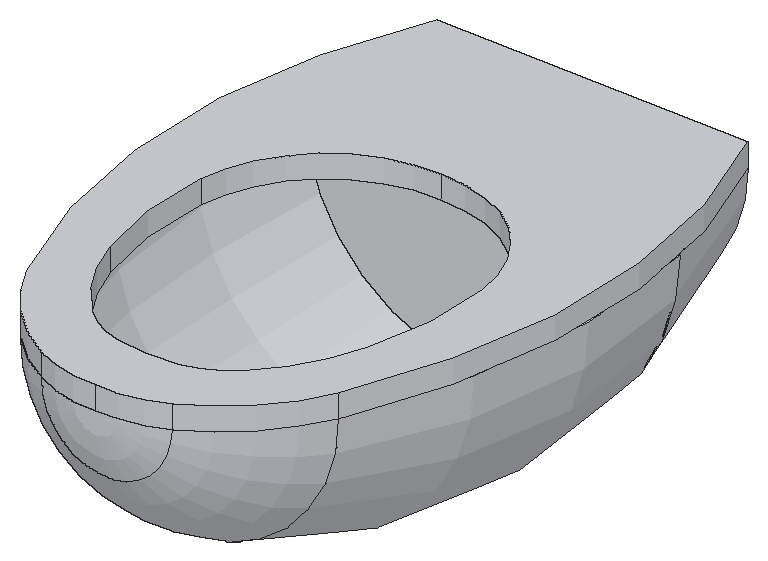
Revit family
Parameters (values of type "540 x 370mm")
  Material = none
  Manufacturer = "Revit"
  Assembly Code = "D2010110"
Reference planes
  plane 1 "Center (Front/Back)": y = 0
  plane 2: z = 0
  plane 3 "Center (Left/Right)": x = 0
  plane 4: y = -244.9
Forms (mm)
  Extrusion 1, solid, material <- "Material"
    sketch origin (0, 0, 307.334) x (1, 0, 0) y (0, 1, 0)
      loop
        arc (-135.826, 0) -> (-184.788, -222.698) -> (-135.826, -445.395) r 530.936
        arc (-135.826, -445.395) -> (-103.297, -493.309) -> (-57.095, -528.225) r 177.786
        arc (-57.095, -528.225) -> (-29.379, -538.163) -> (0, -540.097) r 106.04
        arc (0, -540.097) -> (29.379, -538.163) -> (57.095, -528.225) r 106.04
        arc (57.095, -528.225) -> (103.297, -493.309) -> (135.826, -445.395) r 177.786
        arc (135.826, -445.395) -> (184.788, -222.698) -> (135.826, 0) r 530.936
        line (135.826, 0) -> (-135.826, 0)
      loop
        arc (0, -164.943) -> (-82.812, -194.682) -> (-122.895, -273.012) r 119.653
        arc (-122.895, -273.012) -> (-122.872, -329.692) -> (-111.937, -385.307) r 293.01
        arc (-111.937, -385.307) -> (-93.963, -426.143) -> (-66.545, -461.341) r 180.962
        arc (-66.545, -461.341) -> (-48.002, -474.979) -> (-26.24, -482.474) r 76.384
        arc (-26.24, -482.474) -> (-13.17, -484.4) -> (0, -485.431) r 193.749
        arc (0, -485.431) -> (13.17, -484.4) -> (26.24, -482.474) r 193.749
        arc (26.24, -482.474) -> (48.002, -474.979) -> (66.545, -461.341) r 76.384
        arc (66.545, -461.341) -> (93.963, -426.143) -> (111.937, -385.307) r 180.962
        arc (111.937, -385.307) -> (122.872, -329.692) -> (122.895, -273.012) r 293.01
        arc (122.895, -273.012) -> (82.812, -194.682) -> (0, -164.943) r 119.653
    from -20 to 0
  Blend 2, solid, material <- "Material"
    base sketch origin (0, -124.9, 287.334) x (0, 0, -1) y (-1, 0, 0)
      loop
        line (0, 175) -> (0, -175)
        arc (0, -175) -> (175, 0) -> (0, 175) r 175
    top sketch origin (0, -124.9, 287.334) x (0, 0, -1) y (-1, 0, 0)
      loop
        line (0, 134.95) -> (0, -135.05)
        arc (0, -135.05) -> (135, -0.05) -> (0, 134.95) r 135
    from 0 to 124.9
  Revolve 3, solid, material <- "Material"
    sketch origin (0, 0, 287.334) x (1, 0, 0) y (0, 1, 0)
      loop
        arc (-175.703, -124.9) -> (-180.725, -288.254) -> (-135.826, -445.395) r 530.936
        arc (-135.826, -445.395) -> (-103.297, -493.309) -> (-57.095, -528.225) r 177.786
        arc (-57.095, -528.225) -> (-29.379, -538.163) -> (0, -540.097) r 106.04
        line (0, -540.097) -> (0, -515.459)
        arc (0, -515.459) -> (-23.494, -514.305) -> (-45.68, -506.489) r 81.488
        arc (-45.68, -506.489) -> (-85.502, -476.394) -> (-113.538, -435.097) r 153.234
        arc (-113.538, -435.097) -> (-156.641, -282.937) -> (-150.703, -124.9) r 506.385
        line (-150.703, -124.9) -> (-175.703, -124.9)
      axis (0, -540.097) -> (0, -124.9)
    angle from 0 to 180
Lines and regions (mm)
  symbolic lines
    curve 1: arc (-135.826, 0, 0) -> (-184.788, -222.698, 0) -> (-135.826, -445.395, 0) r 530.936
    curve 2: arc (-135.826, -445.395, 0) -> (-103.297, -493.309, 0) -> (-57.095, -528.225, 0) r 177.786
    curve 3: arc (-57.095, -528.225, 0) -> (-29.379, -538.163, 0) -> (0, -540.097, 0) r 106.04
    curve 4: arc (0, -540.097, 0) -> (29.379, -538.163, 0) -> (57.095, -528.225, 0) r 106.04
    curve 5: arc (57.095, -528.225, 0) -> (103.297, -493.309, 0) -> (135.826, -445.395, 0) r 177.786
    curve 6: arc (135.826, -445.395, 0) -> (184.788, -222.698, 0) -> (135.826, 0, 0) r 530.936
    curve 7: line (135.826, 0, 0) -> (-135.826, 0, 0)
    curve 12: arc (0, -164.943, 0) -> (82.812, -194.682, 0) -> (122.895, -273.012, 0) r 119.653
    curve 13: arc (122.895, -273.012, 0) -> (122.872, -329.692, 0) -> (111.937, -385.307, 0) r 293.01
    curve 14: arc (111.937, -385.307, 0) -> (93.963, -426.143, 0) -> (66.545, -461.341, 0) r 180.962
    curve 15: arc (66.545, -461.341, 0) -> (48.002, -474.979, 0) -> (26.24, -482.474, 0) r 76.384
    curve 16: arc (26.24, -482.474, 0) -> (13.17, -484.4, 0) -> (0, -485.431, 0) r 193.749
    curve 17: arc (0, -485.431, 0) -> (-13.17, -484.4, 0) -> (-26.24, -482.474, 0) r 193.749
    curve 18: arc (-26.24, -482.474, 0) -> (-48.002, -474.979, 0) -> (-66.545, -461.341, 0) r 76.384
    curve 19: arc (-66.545, -461.341, 0) -> (-93.963, -426.143, 0) -> (-111.937, -385.307, 0) r 180.962
    curve 20: arc (-111.937, -385.307, 0) -> (-122.872, -329.692, 0) -> (-122.895, -273.012, 0) r 293.01
    curve 21: arc (-122.895, -273.012, 0) -> (-82.812, -194.682, 0) -> (0, -164.943, 0) r 119.653
  symbolic lines, detail levels medium+fine
    curve 8: arc (-63.827, -101.182, 0) -> (-71.563, -93.447, 0) -> (-79.298, -101.182, 0) r 7.735
    curve 9: arc (-79.298, -101.182, 0) -> (-71.563, -108.918, 0) -> (-63.827, -101.182, 0) r 7.735
    curve 10: arc (84.558, -101.182, 0) -> (76.822, -93.447, 0) -> (69.087, -101.182, 0) r 7.735
    curve 11: arc (69.087, -101.182, 0) -> (76.822, -108.918, 0) -> (84.558, -101.182, 0) r 7.735
    curve 22: arc (57.356, -315.041, 0) -> (0.005, -353.338, 0) -> (-57.346, -315.041, 0) r 62.091
    curve 23: arc (-57.346, -315.041, 0) -> (-60.2, -305.649, 0) -> (-61.163, -295.881, 0) r 50
    curve 24: line (-61.163, -295.881, 0) -> (-61.163, -275.357, 0)
    curve 25: arc (-61.163, -275.357, 0) -> (-55.305, -261.214, 0) -> (-41.163, -255.357, 0) r 20
    curve 26: line (-41.163, -255.357, 0) -> (41.173, -255.357, 0)
    curve 27: arc (41.173, -255.357, 0) -> (55.315, -261.214, 0) -> (61.173, -275.357, 0) r 20
    curve 28: line (61.173, -275.357, 0) -> (61.173, -295.881, 0)
    curve 29: arc (61.173, -295.881, 0) -> (60.21, -305.649, 0) -> (57.356, -315.041, 0) r 50
